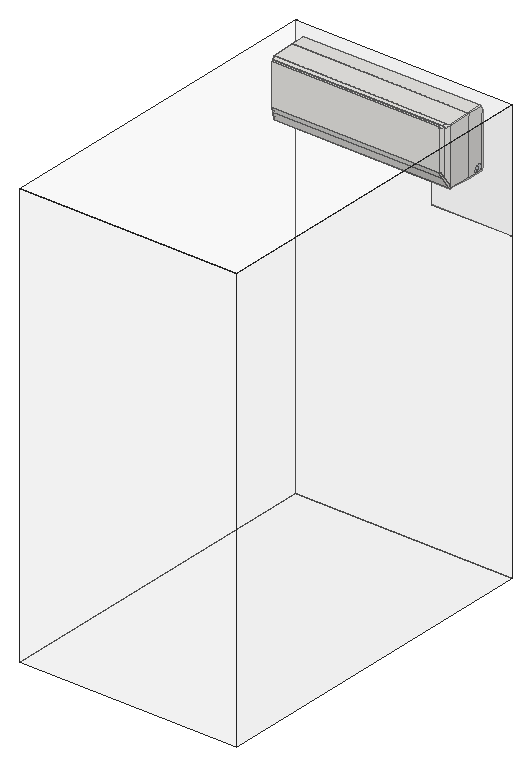
Revit family "pk-rp28la6_112ka22_50hz", category 機械設備, Revit 2023
Family settings
  丸型コネクタ寸法 = 直径を使用
  パーツ タイプ = 標準
  OmniClass 番号 = 23.75.10.24.21.27.27
  OmniClass タイトル = Split System Air Conditioning Units
  作業面ベース = いいえ
  常に垂直 = はい
  ロード時にボイドで切り取り = いいえ
  注釈の向きを維持 = いいえ
  共有 = いいえ
  部屋計算ポイント = はい
Parameters (values of type "PK-RP28LA6")
  風量_静 (m3/min) = 6.3
  風量_強 (m3/min) = 8.7
  風量_弱 (m3/min) = 7.3
  風量_中 (m3/min) = 8
  風量 = MAX風量  # 522.0 m³/h
  音響パワーレベル_静 (dB) = 45
  音響パワーレベル_弱 (dB) = 48
  音響パワーレベル_中 (dB) = 50
  音響パワーレベル_強 (dB) = 52
  音響パワーレベル(dB) = [音響パワーレベル_強 (dB)]  # 52
  電源種別 = ""
  電源_H = 0 mm
  電圧 = 0 V
  電動機出力_送風機 = 0.03 kW
  運転質量 = 0.00 kg
  連動 = ""
  質量 = if(製品質量 > 運転質量, 製品質量, 運転質量) * 1.2  # 15.00 kg
  負荷分類 = 3_ファン類
  構成品番 = ""
  既定の高さ = 0 mm
  壁掛_PK-RP_LA3 = no
  壁掛_PK-RP_LA2 = no
  壁掛_PK-RP_LA1 = yes
  冷媒液管位置-Z = 280 mm
  冷媒液管位置-Y = 23 mm
  冷媒液管位置-X = 711 mm
  冷媒ガス管位置-Z = 268 mm
  冷媒ガス管位置-Y = 23 mm
  冷媒ガス管位置-X = 642 mm
  ドレン管径 (外径) = 22 mm
  ドレン位置-Z = 274 mm
  ドレン位置-Y = 37 mm
  ドレン位置-X = 660 mm
  サービススペース_PK-RP_LA2 = no
  サービススペース_PK-RP_LA1,3 = yes
  【値が 0 の項目は組合せ形名にてご確認ください】 = ""
  Version = ""
  URL = "https://www.mitsubishielectric.co.jp/ldg/wink/qr/002/364755"
  Space Top = 50 mm
  Space Right_1 = 260 mm
  Space Right = 150 mm
  Space Left = 50 mm
  Space Bot_2 = 250 mm
  Space Bot_1 = 7 mm
  MIN２風量 = [風量_静 (m3/min)] * 60.0 m³/h  # 378.0 m³/h
  MIN風量 = [風量_弱 (m3/min)] * 60.0 m³/h  # 438.0 m³/h
  MID風量 = [風量_中 (m3/min)] * 60.0 m³/h  # 480.0 m³/h
  MAX風量 = [風量_強 (m3/min)] * 60.0 m³/h  # 522.0 m³/h
  説明 = "店舗・事務所用パッケージエアコン(Mr.SLIM) 壁掛形<ワイヤード>"
  設計暖房能力 = 0.00 kW
  設計冷房能力_顕熱 = 0 kW
  設計冷房能力 = 0 kW
  設置方法 = "壁掛形"
  記号 = ""
  製造元 = "三菱電機株式会社"
  製品質量 = 12.50 kg
  製品出荷対象 = "国内"
  製品リリース年月 = "2026/5/11"
  製品グループ = ""
  系統 = ""
  符号 = "PAC_WR"
  積算_科目 = "1 空気調和設備"
  積算_拾い区分 [instance] = ""
  盤記号 = ""
  発停方法 = "別売リモコン"
  特殊仕様 = ""
  火災停止 = ""
  消費電力_暖房 = 0.02 kW
  消費電力_冷房 = 0.03 kW
  消費電力 = if(消費電力_冷房 > 消費電力_暖房, 消費電力_冷房, 消費電力_暖房)  # 0.03 kW
  法定耐用年数 = "6"
  極数 = 3
  材質 = ""
  本体マテリアル = none
  有効加湿量 = 0
  暖房能力 = 2.80 kW
  形式_加湿器 = ""
  形式 = "壁掛（露出）形"
  幹線記号 = ""
  始動方式 = "インバータ"
  呼称 = "パッケージ形空気調和機_室内機"
  周波数 = 50 Hz
  吊り位置Y = 0 mm
  吊り位置X = 0 mm
  吊りボルト_H = 0 mm
  台数_手元リモコン = ""
  台数_冷媒分岐ユニット = ""
  参照している仕様書等のバージョン = "公共建築工事標準仕様書（機械設備工事編）平成31年度版"
  加湿給水管径 = 0 mm
  分類コード = "50053003123070"
  分類グループ = "設備"
  冷房能力 = 2.5 kW
  冷媒高低圧ガス管径 = 0 mm
  冷媒管径符号 = "Ac"
  冷媒管径 = 100 mm
  冷媒液管径 = 6.35 mm
  冷媒ガス管径 = 12.7 mm
  企業コード = "108420"
  付属品_フィルター = ""
  付属品 = ""
  モデル = "PK-RP28LA6"
  パネルマテリアル = none
  ドレン管径 = 16 mm
  サービススペース = yes
  コメント [instance] = ""
  Width = 898 mm
  Uniclass2015Version = "Systems v1.9"
  Uniclass2015Title = "Split coil remote air cooled condensing units"
  Uniclass2015Code = "Pr_70_65_03_84"
  SpecificationReference = ""
  SpecificationDescription = ""
  S_H = 356 mm
  Revision = ""
  ProductInformation = ""
  OmniClassCode = "23-33 17 13 11"
  IfcTypeProduct = ""
  IfcProduct = ""
  IfcExportType = "AIRCONDITIONINGUNIT"
  IfcExportAs = "IfcUnitaryEquipmentType"
  Height = 299 mm
  Depth = 237 mm
  価格 = 0
  Clearance Top = 50 mm
  Clearance Right = 150 mm
  Clearance Left = 50 mm
  Clearance Front = 1500 mm
  Clearance Bottom = 1800 mm
  Clearance Back = 0 mm
  BLCJ仕様バージョン = "2.0"
  Author = "三菱電機株式会社"
Reference planes
  plane 1 "中心(正面/背面)": y = 0
  plane 2: z = 11
  plane 3 "中心(左/右)": x = 0
  plane 4: x = -449
  plane 5: x = 449
  plane 6: z = -288
  plane 7: y = -242
  plane 8: y = -5
  plane 9: x = -211
  plane 10: x = -193
  plane 11: x = -262
  plane 12: y = -28
  plane 13: y = -28
  plane 14: y = -42
  plane 15: z = -269
  plane 16: z = -257
  plane 17: z = -263
  plane 18: z = 61
  plane 19: x = -499
  plane 20: x = 599
  plane 21: z = -295
  plane 22: z = -538
  plane 23: x = 189
  plane 24: y = -1742
  plane 25: z = -2088
  plane 26: x = -499
  plane 27: x = 599
  plane 28: y = -28
Forms (mm)
  Extrusion 1, solid, detail levels fine
    sketch origin (-88.875, 0, -1713) x (-1, 0, 0) y (0, 0, 1)
      loop
        line (-487.875, 1574) -> (-487.875, 1549) -> (-462.875, 1549) -> (-462.875, 1574) -> (-487.875, 1574)
    from -1 to 0
  Extrusion 2, solid, detail levels fine
    sketch origin (0, 0, 0) x (0, 1, 0) y (0, 0, 1)
      loop
        circle (-42, -263) r 11
    from 444 to 449
  Extrusion 3, solid, detail levels fine
    sketch origin (0, 0, 0) x (0, 1, 0) y (0, 0, 1)
      loop
        circle (-28, -263) r 15
    from 444 to 449
Dimensions and locks
  equal spacing: plane 5, plane 3 "中心(左/右)", plane 4
  "Width": plane 5 to plane 4
  "Height": level to plane 6
  locked: plane 8 to plane 1 "中心(正面/背面)" at 5
  "Depth": plane 7 to plane 8
  "ドレン位置-X": plane 5 to plane 9
  "冷媒ガス管位置-X": plane 5 to plane 10
  "冷媒液管位置-X": plane 5 to plane 11
  "ドレン位置-Y": plane 14 to plane 8
  "冷媒ガス管位置-Y": plane 13 to plane 8
  "冷媒液管位置-Y": plane 12 to plane 8
  "ドレン位置-Z": level to plane 17
  "冷媒ガス管位置-Z": level to plane 16
  "冷媒液管位置-Z": level to plane 15
  "Space Top": plane 18 to level
  "Space Left": plane 4 to plane 19
  "Space Right": plane 20 to plane 5
  "Space Bot_1": plane 6 to plane 21
  "Space Bot_2": plane 6 to plane 22
  "Space Right_1": plane 5 to plane 23
  equal spacing: plane 16, Extrusion 3 sketch curve, plane 15
  equal spacing: plane 12, Extrusion 3 sketch curve, plane 13
  locked: plane 5 to Extrusion 3 at 5
  "Clearance Front": plane 24 to plane 7
  "Clearance Bottom": plane 6 to plane 25
  "Clearance Left": plane 4 to plane 26
  "Clearance Right": plane 27 to plane 5
  plane 5 to Extrusion 1 sketch curve = 50 mm
  nested 3 to Extrusion 1 sketch curve = 150 mm
  "Clearance Top": nested 4 to plane 2
  "ドレン管径 (外径)": diameter of Extrusion 2 sketch curve
  aligned and locked: level to plane 2
  aligned and locked: plane 1 "中心(正面/背面)" to nested 1
  aligned and locked: plane 1 "中心(正面/背面)" to nested 2
  aligned and locked: plane 1 "中心(正面/背面)" to nested 3
  aligned and locked: level to nested 1
  aligned and locked: level to nested 3
  aligned and locked: plane 3 "中心(左/右)" to nested 2
  aligned and locked: plane 3 "中心(左/右)" to nested 1
  aligned and locked: plane 3 "中心(左/右)" to nested 3
  aligned and locked: plane 14 to Extrusion 2 sketch curve
  aligned and locked: plane 17 to Extrusion 2 sketch curve
  aligned and locked: plane 5 to Extrusion 3
  aligned and locked: plane 5 to Extrusion 2
  aligned and locked: Extrusion 3 to Extrusion 2
  aligned and locked: plane 1 "中心(正面/背面)" to nested 4
  aligned and locked: plane 24 to nested 4
  aligned and locked: plane 25 to nested 4
  aligned and locked: plane 26 to nested 4
  aligned and locked: plane 27 to nested 4
  aligned and locked: plane 18 to nested 4
  aligned and locked: plane 1 "中心(正面/背面)" to nested 5
  aligned and locked: plane 3 "中心(左/右)" to nested 5
  aligned and locked: plane 2 to nested 3
Automatic sketch dimensions
  Extrusion 1 sketch curve to plane 5 = 75 mm
  Extrusion 1 sketch curve to Extrusion 1 sketch curve = 25 mm
  radius of Extrusion 3 sketch curve = 15 mm
Nested families
  nested 1: "pk-rp_la1" at (0, 0, 10), type "壁掛_PK-RP_LA1", detail levels fine
  nested 2: "pk-rp_la2" at (0, 0, 11), type "壁掛_PK-RP_LA2"
    with 壁掛_PK-RP56-71KA17 no
  nested 3: "pk-rp_la3" at (0, 0, 11), type "壁掛_PK-RP_LA3"
    with 壁掛_PK-RP80_112KA17 no, 冷媒液管径 6.35 mm, 冷媒ガス管径 12.7 mm
  nested 4: "サービススペース" at (50, -871, -1013.5), visible <- "サービススペース", type "サービススペース", detail levels fine
    with Width 1098 mm, Height 2149 mm, Depth 1742 mm
  nested 5: "Space View" at (0, 0, 11), Bot_1 <- "Space Bot_1", Bot_2 <- "Space Bot_2", Hight <- "Height", Left <- "Space Left", Right <- "Space Right", Right_1 <- "Space Right_1", Top <- "Space Top", Width <- "Width", Space View <- "サービススペース_PK-RP_LA1,3", type "Space View"
    with Width 898 mm, Top 50 mm, Space View yes, Right_1 260 mm, Right 150 mm, Left 50 mm, Hight 299 mm, Bot_2 250 mm, Bot_1 7 mm
Connectors
  piping at (449, -42, -263), diameter 22, driven by "ドレン管径 (外径)"
    settings: on Extrusion 2, index 1, connector inside diameter 609.6 mm, connector length 0 mm, flow factor 0, pipe flow 0.0 L/s, pressure drop 0.0 Pa, fitting loss kfactor 0, connector angle 0.00°, fixture units 0, engagement length 0 mm, angle of deflection 0.00°, flow configuration 1, flow direction 2, fitting loss method 4, system type 16, joint type 0, gender type 0, connector reference index -1, connector utility 0, adjustable connector no, is connector primary yes, connector description ""
  piping at (449, -28, -263), diameter 100, driven by "冷媒管径", driven by "冷媒管径符号"
    settings: on Extrusion 3, index 2, connector inside diameter 609.6 mm, connector length 0 mm, flow factor 0, pipe flow 0.0 L/s, pressure drop 0.0 Pa, fitting loss kfactor 0, connector angle 0.00°, fixture units 0, engagement length 0 mm, angle of deflection 0.00°, flow configuration 1, flow direction 1, fitting loss method 4, system type 7, joint type 0, gender type 0, connector reference index -1, connector utility 0, adjustable connector no, is connector primary no, connector description "Ac"
  electrical at (386.5, 0, -151.5), driven by "極数", driven by "負荷分類", driven by "電圧", driven by "消費電力"
    settings: on Extrusion 1, index 3, voltage 0 V, apparent load 30 VA, apparent load phase1 0 VA, apparent load phase2 0 VA, apparent load phase3 0 VA, power factor 1, load classification "3_ファン類", number of poles 3, system type 30, power factor state 1, is connector primary yes, connector utility no, sub classification motor no, connector description ""
Definition of nested family "pk-rp_la1"
  Parameters (values of type "壁掛_PK-RP_LA1")
    Default Elevation = 0 mm
    壁掛_PK-RP40_50LA = yes
    冷媒液管位置-Y = 37 mm
    冷媒液管位置-X = 711 mm
    冷媒ガス管位置-Y = 23 mm
    冷媒ガス管位置-X = 642 mm
    ドレン管径 (外径) = 22 mm
    ドレン位置-Y = 23 mm
    ドレン位置-X = 660 mm
    URL = ""
    Description = ""
    Manufacturer = ""
    冷媒管径符号 = "Ac"
    冷媒管径 = 100 mm
    冷媒液管位置-Z = 280 mm
    冷媒液管径 = 6.35 mm
    冷媒ガス管位置-Z = 268 mm
    冷媒ガス管径 = 12.7 mm
    Model = ""
    ドレン位置-Z = 274 mm
    ドレン管径 = 16 mm
    Width = 898 mm
    S_H = 356 mm
    Height = 299 mm
    Depth = 237 mm
    Cost = 0
  Reference planes
    plane 1 "中心(正面/背面)": y = 0
    plane 2: z = 1
    plane 3 "中心(左/右)": x = 0
    plane 4 "UNDER": z = -298
    plane 5 "Left": x = -449
    plane 6: x = 449
    plane 7 "Fkidasi_L": x = -400
    plane 8 "Fkidasi_X": x = -262
    plane 9 "Fkidasi_Y": x = -193
    plane 10: y = -5
    plane 11: y = -42
    plane 12: y = -242
    plane 13: z = -279
    plane 14: z = -267
    plane 15: z = -273
    plane 16: y = -28
    plane 17: y = -28
    plane 18: x = -211
    plane 19: z = 1
    plane 20: x = 0
    plane 21: x = 0
  Forms (mm)
    Extrusion 1, void, detail levels fine
      sketch origin (0, 75, -2499) x (0, -1, 0) y (0, 0, 1)
        loop
          line (89, 2500) -> (80, 2500) -> (80, 2487) -> (89, 2500)
      from 449 to -449
    Extrusion 2, solid, visible <- "壁掛_PK-RP40_50LA", detail levels fine
      sketch origin (0, 0, -2509.072) x (-1, 0, 0) y (0, 0, 1)
        loop
          line (449, 2485.072) -> (-449, 2485.072) -> (-449, 2224.072) -> (449, 2224.072) -> (449, 2485.072)
      from 0 to -5
    Extrusion 3, solid, visible <- "壁掛_PK-RP40_50LA", detail levels fine
      sketch origin (0, -5, -2499) x (0, 0, -1) y (-1, 0, 0)
        loop
          line (-2500, 444) -> (-2500, -444)
          arc (-2500, -444) -> (-2498.536, -447.536) -> (-2495, -449) r 5
          line (-2495, -449) -> (-2206, -449)
          arc (-2206, -449) -> (-2202.464, -447.536) -> (-2201, -444) r 5
          line (-2201, -444) -> (-2201, 444)
          arc (-2201, 444) -> (-2202.464, 447.536) -> (-2206, 449) r 5
          line (-2206, 449) -> (-2495, 449)
          arc (-2495, 449) -> (-2498.536, 447.536) -> (-2500, 444) r 5
      from 0 to -83
    Blend 4, solid, visible <- "壁掛_PK-RP40_50LA"
      base sketch origin (0, -202, -1799) x (0, 0, 1) y (1, 0, 0)
        loop
          line (1796, -444) -> (1796, 444)
          arc (1796, 444) -> (1794.536, 447.536) -> (1791, 449) r 5
          line (1791, 449) -> (1515, 449)
          arc (1515, 449) -> (1508.636, 446.364) -> (1506, 440) r 9
          line (1506, 440) -> (1506, -440)
          arc (1506, -440) -> (1508.636, -446.364) -> (1515, -449) r 9
          line (1515, -449) -> (1791, -449)
          arc (1791, -449) -> (1794.536, -447.536) -> (1796, -444) r 5
      top sketch origin (0, -202, -1799) x (0, 0, 1) y (1, 0, 0)
        loop
          line (1793, -427) -> (1793, 427)
          arc (1793, 427) -> (1791.536, 430.536) -> (1788, 432) r 5
          line (1788, 432) -> (1559, 432)
          arc (1559, 432) -> (1555.464, 430.536) -> (1554, 427) r 5
          line (1554, 427) -> (1554, -427)
          arc (1554, -427) -> (1555.464, -430.536) -> (1559, -432) r 5
          line (1559, -432) -> (1788, -432)
          arc (1788, -432) -> (1791.536, -430.536) -> (1793, -427) r 5
      from 0 to -25
    Blend 5, solid, visible <- "壁掛_PK-RP40_50LA", detail levels fine
      base sketch origin (0, -227, -1799) x (0, 0, 1) y (1, 0, 0)
        loop
          arc (1793, 427) -> (1791.536, 430.536) -> (1788, 432) r 5
          line (1788, 432) -> (1559, 432)
          arc (1559, 432) -> (1555.464, 430.536) -> (1554, 427) r 5
          line (1554, 427) -> (1554, -427)
          arc (1554, -427) -> (1555.464, -430.536) -> (1559, -432) r 5
          line (1559, -432) -> (1788, -432)
          arc (1788, -432) -> (1791.536, -430.536) -> (1793, -427) r 5
          line (1793, -427) -> (1793, 427)
      top sketch origin (0, -227, -1799) x (0, 0, 1) y (1, 0, 0)
        loop
          line (1793, -419) -> (1793, 419)
          arc (1793, 419) -> (1791.536, 422.536) -> (1788, 424) r 5
          line (1788, 424) -> (1590, 424)
          arc (1590, 424) -> (1586.464, 422.536) -> (1585, 419) r 5
          line (1585, 419) -> (1585, -419)
          arc (1585, -419) -> (1586.464, -422.536) -> (1590, -424) r 5
          line (1590, -424) -> (1788, -424)
          arc (1788, -424) -> (1791.536, -422.536) -> (1793, -419) r 5
      from 0 to -15
    Blend 6, solid, visible <- "壁掛_PK-RP40_50LA", detail levels fine
      base sketch origin (62.5, -88, -1799) x (0, 0, 1) y (1, 0, 0)
        loop
          arc (1800, 381.5) -> (1798.536, 385.036) -> (1795, 386.5) r 5
          line (1795, 386.5) -> (1506, 386.5)
          arc (1506, 386.5) -> (1502.464, 385.036) -> (1501, 381.5) r 5
          line (1501, 381.5) -> (1501, -506.5)
          arc (1501, -506.5) -> (1502.464, -510.036) -> (1506, -511.5) r 5
          line (1506, -511.5) -> (1795, -511.5)
          arc (1795, -511.5) -> (1798.536, -510.036) -> (1800, -506.5) r 5
          line (1800, -506.5) -> (1800, 381.5)
      top sketch origin (62.5, -88, -1799) x (0, 0, 1) y (1, 0, 0)
        loop
          line (1796, -506.5) -> (1796, 381.5)
          arc (1796, 381.5) -> (1794.536, 385.036) -> (1791, 386.5) r 5
          line (1791, 386.5) -> (1511, 386.5)
          arc (1511, 386.5) -> (1507.464, 385.036) -> (1506, 381.5) r 5
          line (1506, 381.5) -> (1506, -502.5)
          arc (1506, -502.5) -> (1508.636, -508.864) -> (1515, -511.5) r 9
          line (1515, -511.5) -> (1791, -511.5)
          arc (1791, -511.5) -> (1794.536, -510.036) -> (1796, -506.5) r 5
      from 0 to -114
    Sweep 7, solid, visible <- "壁掛_PK-RP40_50LA", detail levels fine
      path origin (0, 75, -1799) x (-1, 0, 0) y (0, 0, 1)
        loop
          line (262, 1521) -> (-271, 1521)
      profile origin (4.5, 75, -278) x (0, 0, -1) y (0, 1, 0)
        loop
          circle (1, -103) r 3.175
    Sweep 8, solid, visible <- "壁掛_PK-RP40_50LA", detail levels fine
      path origin (0, 75, -1799) x (-1, 0, 0) y (0, 0, 1)
        loop
          line (-257, 1533) -> (193, 1533)
      profile origin (32, 75, -266) x (0, 0, 1) y (0, 1, 0)
        loop
          circle (-1, -103) r 6.35
    Sweep 9, solid, visible <- "壁掛_PK-RP40_50LA", detail levels fine
      path origin (0, 75, -1799) x (-1, 0, 0) y (0, 0, 1)
        loop
          line (211, 1527) -> (-289, 1527)
      profile origin (39, 75, -272) x (0, 0, -1) y (0, 1, 0)
        loop
          circle (1, -117) r 11
  Cuts and joins
    Extrusion 1 cuts Extrusion 3
  Lines and regions (mm)
    model lines, visible <- "壁掛_PK-RP40_50LA", detail levels fine
      curve 1: line (274, -5, -298) -> (274, -54, -298)
      curve 2: line (292, -72, -298) -> (331, -72, -298)
      curve 3: line (349, -54, -298) -> (349, -5, -298)
      curve 4: line (324, -54, -298) -> (324, -5, -298)
      curve 5: arc (292, -72, -298) -> (279.272, -66.728, -298) -> (274, -54, -298) r 18
      curve 6: arc (306, -72, -298) -> (318.728, -66.728, -298) -> (324, -54, -298) r 18
      curve 7: arc (331, -72, -298) -> (343.728, -66.728, -298) -> (349, -54, -298) r 18
      curve 8: line (-430, -5, -298) -> (-430, -54, -298)
      curve 9: line (-412, -72, -298) -> (-378, -72, -298)
      curve 10: line (-360, -54, -298) -> (-360, -5, -298)
      curve 11: line (-399.073, -53.123, -298) -> (-399.073, -5, -298)
      curve 12: arc (-412, -72, -298) -> (-424.728, -66.728, -298) -> (-430, -54, -298) r 18
      curve 13: arc (-399.073, -53.123, -298) -> (-394.55, -65.481, -298) -> (-383.118, -72, -298) r 19.145
      curve 14: arc (-360, -54, -298) -> (-365.272, -66.728, -298) -> (-378, -72, -298) r 18
      curve 15: line (366.5, -202, -293) -> (366.5, -208.929, -279.696)
      curve 16: line (366.5, -208.929, -279.696) -> (326.5, -208.929, -279.696)
      curve 17: line (326.5, -208.929, -279.696) -> (326.5, -202, -293)
      curve 18: line (326.5, -202, -293) -> (326.5, -188.513, -293.592)
      curve 19: line (326.5, -188.513, -293.592) -> (366.5, -188.513, -293.592)
      curve 20: line (366.5, -188.513, -293.592) -> (366.5, -202, -293)
      curve 21: line (449, -5, -229) -> (449, -52, -229)
      curve 22: line (449, -70, -247) -> (449, -70, -270)
      curve 23: line (449, -52, -288) -> (449, -5, -288)
      curve 24: line (449, -49.143, -241) -> (449, -5, -241)
      curve 25: arc (449, -52, -288) -> (449, -64.728, -282.728) -> (449, -70, -270) r 18
      curve 26: arc (449, -52, -229) -> (449, -64.728, -234.272) -> (449, -70, -247) r 18
      curve 27: arc (449, -70, -261.857) -> (449, -63.891, -247.109) -> (449, -49.143, -241) r 20.857
      curve 28: line (-449, -5, -288) -> (-449, -52, -288)
      curve 29: line (-449, -70, -270) -> (-449, -70, -236)
      curve 30: line (-449, -52, -218) -> (-449, -5, -218)
      curve 31: line (-449, -5, -238) -> (-449, -52, -238)
      curve 32: arc (-449, -52, -288) -> (-449, -64.728, -282.728) -> (-449, -70, -270) r 18
      curve 33: arc (-449, -70, -236) -> (-449, -64.728, -223.272) -> (-449, -52, -218) r 18
      curve 34: arc (-449, -70, -256) -> (-449, -64.728, -243.272) -> (-449, -52, -238) r 18
      curve 35: line (-400, -227, -245) -> (-400, -202, -293)
      curve 36: line (250, -227, -245) -> (250, -202, -293)
      curve 37: line (250, -202, -293) -> (250, -88, -298)
      curve 38: line (-400, -200.122, -293.082) -> (-400, -88, -298)
  Dimensions and locks
    "Width": plane 5 "Left" to plane 6
    plane 5 "Left" to plane 3 "中心(左/右)" to plane 6 = 449 mm, 449 mm
    equal spacing: plane 5 "Left", plane 3 "中心(左/右)", plane 6
    "Depth": plane 10 to plane 12
    "ドレン位置-Z": level to plane 15
    "冷媒ガス管位置-Z": level to plane 14
    "冷媒液管位置-Z": level to plane 13
    "Height": level to plane 4 "UNDER"
    "ドレン位置-Y": plane 10 to plane 17
    "冷媒ガス管位置-Y": plane 10 to plane 16
    "冷媒液管位置-Y": plane 10 to plane 11
    "冷媒液管位置-X": plane 6 to plane 8 "Fkidasi_X"
    "冷媒ガス管位置-X": plane 6 to plane 9 "Fkidasi_Y"
    "ドレン位置-X": plane 6 to plane 18
    locked: plane 10 to plane 1 "中心(正面/背面)" at 5
    "冷媒液管径": diameter of Sweep 7 sketch curve
    "冷媒ガス管径": diameter of Sweep 8 sketch curve
    "ドレン管径 (外径)": diameter of Sweep 9 sketch curve
    aligned and locked: level to plane 2
    aligned and locked: Sweep 8 to plane 9 "Fkidasi_Y"  (x2)
    aligned and locked: Sweep 7 to plane 8 "Fkidasi_X"
    aligned and locked: plane 12 to Blend 5
    aligned and locked: plane 15 to Sweep 9 sketch curve
    aligned and locked: plane 14 to Sweep 8 sketch curve
    aligned and locked: plane 13 to Sweep 7 sketch curve
    aligned and locked: plane 17 to Sweep 7 sketch curve
    aligned and locked: plane 16 to Sweep 8 sketch curve
    aligned and locked: plane 11 to Sweep 9 sketch curve
    aligned and locked: plane 20 to plane 3 "中心(左/右)"
    aligned and locked: plane 21 to plane 20
  Automatic sketch dimensions
    Extrusion 1 sketch curve to plane 10 = 0 mm
    Extrusion 1 sketch curve to plane 10 = 9 mm
    Extrusion 2 sketch curve to plane 6 = 0 mm
    plane 5 "Left" to Extrusion 2 sketch curve = 0 mm
    Extrusion 2 sketch curve to level = 286 mm
    Extrusion 3 sketch curve to plane 6 = 0 mm
    plane 5 "Left" to Extrusion 3 sketch curve = 0 mm
    Extrusion 3 sketch curve to level = 299 mm
    Extrusion 3 sketch curve to level = 294 mm  (x2)
    plane 5 "Left" to Blend 4 sketch curve = 0 mm
    Blend 4 sketch curve to plane 6 = 0 mm
    Blend 4 sketch curve to level = 294 mm
    Blend 4 sketch curve to Blend 4 sketch curve = 9 mm  (x2)
    Blend 4 sketch curve to plane 6 = 5 mm
    Blend 4 sketch curve to plane 6 = 22 mm
    Blend 4 sketch curve to level = 246 mm
    Blend 4 sketch curve to Blend 4 sketch curve = 5 mm  (x4)
    Blend 4 sketch curve to plane 5 "Left" = 22 mm
    Blend 5 sketch curve to level = 246 mm
    Blend 5 sketch curve to Blend 5 sketch curve = 5 mm  (x7)
    Blend 5 sketch curve to plane 5 "Left" = 17 mm
    Blend 5 sketch curve to plane 6 = 22 mm
    Blend 5 sketch curve to plane 7 "Fkidasi_L" = 19 mm
    Blend 5 sketch curve to level = 215 mm
    Blend 5 sketch curve to plane 6 = 30 mm
    Blend 6 sketch curve to level = 299 mm
    Blend 6 sketch curve to plane 6 = 0 mm  (x2)
    plane 5 "Left" to Blend 6 sketch curve = 0 mm  (x2)
    Blend 6 sketch curve to level = 294 mm  (x3)
    Blend 6 sketch curve to plane 6 = 5 mm  (x2)
    Blend 6 sketch curve to Blend 6 sketch curve = 9 mm
    curve 11 to Extrusion 3 = 0 mm
    curve 1 to Extrusion 3 = 0 mm
    curve 8 to Extrusion 3 = 0 mm
    curve 4 to Extrusion 3 = 0 mm
    curve 3 to Extrusion 3 = 0 mm
    curve 10 to Extrusion 3 = 0 mm
    curve 13 to Extrusion 3 = 34.877 mm
    curve 12 to curve 13 = 0.877 mm
    curve 10 to curve 13 = 0.877 mm
    curve 3 to Extrusion 3 = 34 mm
    curve 4 to curve 7 = 0 mm
    curve 9 to Extrusion 3 = 16 mm
    curve 2 to Extrusion 3 = 16 mm
    Extrusion 3 to curve 3 = 95 mm
    curve 7 to curve 4 = 7 mm
    curve 6 to curve 2 = 14 mm
    Extrusion 3 to curve 10 = 84 mm
    curve 14 to curve 13 = 1.927 mm
    curve 13 to curve 11 = 19.145 mm
    curve 13 to curve 12 = 12.927 mm
    curve 35 to Blend 4 = 0 mm
    Blend 4 to curve 35 = 0 mm
    Blend 4 to curve 36 = 0 mm
    curve 36 to Blend 4 = 0 mm
    curve 17 to Blend 4 = 0 mm
    curve 15 to Blend 4 = 0 mm
    Blend 4 to curve 17 = 15 mm
    curve 17 to Blend 4 = 106.857 mm
    curve 16 to curve 15 = 40 mm
    curve 36 to curve 17 = 76.5 mm
    curve 35 to curve 36 = 650 mm
    curve 38 to Blend 6 = 0 mm
    curve 37 to Blend 6 = 0 mm
    Blend 6 to curve 37 = 0 mm
    Blend 6 to curve 18 = 0 mm
    Blend 6 to curve 20 = 0 mm
    Blend 6 to curve 19 = 13.5 mm
    curve 19 to Blend 6 = 117.5 mm
    curve 18 to curve 19 = 40 mm
    curve 37 to curve 18 = 76.5 mm
    curve 38 to curve 37 = 650 mm
    Blend 6 to curve 38 = 1.879 mm
    curve 21 to Extrusion 3 = 0 mm
    curve 24 to Extrusion 3 = 0 mm
    curve 23 to Extrusion 3 = 0 mm
    curve 21 to curve 24 = 12 mm
    Extrusion 3 to curve 22 = 18 mm
    curve 24 to curve 22 = 6 mm
    curve 26 to curve 27 = 14.857 mm
    curve 27 to curve 25 = 8.143 mm
    curve 23 to Extrusion 3 = 5 mm
    curve 28 to Extrusion 3 = 0 mm
    curve 31 to Extrusion 3 = 0 mm
    curve 30 to Extrusion 3 = 0 mm
    curve 28 to Extrusion 3 = 5 mm
    curve 29 to Extrusion 3 = 23 mm
    curve 32 to curve 34 = 14 mm
    curve 34 to curve 31 = 18 mm
    curve 34 to curve 33 = 2 mm
    curve 33 to curve 30 = 18 mm
    Extrusion 3 to curve 32 = 36 mm
    Sweep 7 sketch curve to plane 8 "Fkidasi_X" = 0 mm
    Sweep 8 sketch curve to plane 9 "Fkidasi_Y" = 0 mm
    Sweep 9 sketch curve to plane 9 "Fkidasi_Y" = 18 mm
    Extrusion 1 sketch curve to level = 13 mm
    Extrusion 1 sketch curve to level = 0 mm
    Extrusion 2 sketch curve to level = 25 mm
    Extrusion 3 sketch curve to level = 5 mm  (x2)
    Extrusion 3 sketch curve to level = 0 mm
    Blend 4 sketch curve to level = 9 mm  (x2)
    Blend 4 sketch curve to level = 12 mm
    Blend 5 sketch curve to level = 12 mm  (x3)
    Blend 6 sketch curve to level = 5 mm  (x2)
    Blend 6 sketch curve to level = 0 mm
    Blend 6 sketch curve to level = 9 mm  (x2)
    plane 13 to Sweep 7 sketch curve = 1 mm
    plane 14 to Sweep 8 sketch curve = 1 mm
    plane 15 to Sweep 9 sketch curve = 1 mm
    curve 5 to curve 6 = 0 mm
    Sweep 7 sketch curve to plane 6 = 178 mm
    Sweep 8 sketch curve to plane 6 = 192 mm
    Sweep 9 sketch curve to plane 6 = 160 mm
    curve 22 to Extrusion 3 = 23 mm
Definition of nested family "サービススペース"
  Parameters (values of type "サービススペース")
    Default Elevation = 0 mm
    Width [instance] = 500 mm
    Height [instance] = 500 mm
    Depth [instance] = 500 mm
  Reference planes
    plane 1 "中心(正面/背面)": y = 0
    plane 2: z = 0
    plane 3 "中心(左/右)": x = 0
    plane 4: y = -250
    plane 5: x = 250
    plane 6: y = 250
    plane 7: x = -250
    plane 8: z = 250
    plane 9: z = -250
  Forms (mm)
    Extrusion 1, solid
      sketch origin (-638.939, 0, 72.39) x (1, 0, 0) y (0, 1, 0)
        loop
          line (388.939, 250) -> (388.939, -250) -> (888.939, -250) -> (888.939, 250) -> (388.939, 250)
      from -322.39 to 177.61
  Lines and regions (mm)
    symbolic lines
      curve 1: line (-250, 0, 250) -> (250, 0, 250)
      curve 2: line (-250, 0, -250) -> (-250, 0, 250)
      curve 3: line (250, 0, -250) -> (-250, 0, -250)
      curve 4: line (250, 0, 250) -> (250, 0, -250)
      curve 5: line (0, -250, 250) -> (0, 250, 250)
      curve 6: line (0, -250, -250) -> (0, -250, 250)
      curve 7: line (0, 250, -250) -> (0, -250, -250)
      curve 8: line (0, 250, 250) -> (0, 250, -250)
      curve 9: line (-250, 250, 0) -> (250, 250, 0)
      curve 10: line (-250, -250, 0) -> (-250, 250, 0)
      curve 11: line (250, -250, 0) -> (-250, -250, 0)
      curve 12: line (250, 250, 0) -> (250, -250, 0)
  Dimensions and locks
    equal spacing: plane 7, plane 3 "中心(左/右)", plane 5
    equal spacing: plane 4, plane 1 "中心(正面/背面)", plane 6
    "Depth": plane 4 to plane 6
    "Width": plane 7 to plane 5
    equal spacing: plane 8, plane 2, plane 9
    "Height": plane 8 to plane 9
    aligned and locked: plane 9 to curve 3
    aligned and locked: plane 7 to curve 2
    aligned and locked: curve 4 to plane 5
    aligned and locked: plane 5 to Extrusion 1
    aligned and locked: Extrusion 1 to plane 7
    aligned and locked: Extrusion 1 to plane 9
    aligned and locked: plane 8 to Extrusion 1
    aligned and locked: plane 9 to curve 7
  Automatic sketch dimensions
    plane 4 to Extrusion 1 sketch curve = 0 mm
    Extrusion 1 sketch curve to plane 7 = 0 mm
    Extrusion 1 sketch curve to plane 5 = 0 mm
    plane 6 to Extrusion 1 sketch curve = 0 mm
    curve 2 to plane 8 = 0 mm
    plane 4 to curve 11 = 0 mm
    curve 11 to plane 7 = 0 mm
    curve 11 to plane 5 = 0 mm
    plane 6 to curve 10 = 0 mm
    curve 7 to plane 4 = 0 mm
    curve 7 to plane 6 = 0 mm
    curve 6 to plane 8 = 0 mm
Definition of nested family "Space View"
  Parameters (values of type "Space View")
    Default Elevation = 0 mm
    Width [instance] = 898 mm
    Top [instance] = 50 mm
    Space View [instance] = yes
    Right_1 [instance] = 260 mm
    Right [instance] = 150 mm
    Left [instance] = 50 mm
    Hight [instance] = 299 mm
    Bot_2 [instance] = 250 mm
    Bot_1 [instance] = 7 mm
  Reference planes
    plane 1 "Center (Front/Back)": y = 0
    plane 2: z = 0
    plane 3 "Center (Left/Right)": x = 0
    plane 4: x = -499
    plane 5: z = 50
    plane 6: x = 599
    plane 7: z = -306
    plane 8: z = -549
    plane 9: x = -449
    plane 10: x = 449
    plane 11: z = -299
    plane 12: x = 189
  Forms (mm)
    Extrusion 1, solid, visible <- "Space View"
      sketch origin (0, 0, -1800) x (-1, 0, 0) y (0, 0, 1)
        loop
          line (499, 1850) -> (-599, 1850) -> (-599, 1251) -> (-189, 1251) -> (-189, 1494) -> (499, 1494) -> (499, 1850)
      from 0 to -1
  Dimensions and locks
    equal spacing: plane 10, plane 3 "Center (Left/Right)", plane 9
    "Width": plane 10 to plane 9
    "Right": plane 10 to plane 6
    "Left": plane 9 to plane 4
    "Hight": level to plane 11
    "Bot_1": plane 11 to plane 7
    "Bot_2": plane 11 to plane 8
    "Top": plane 5 to level
    "Right_1": plane 12 to plane 10
    aligned and locked: level to plane 2
    aligned and locked: Extrusion 1 to plane 4
    aligned and locked: plane 5 to Extrusion 1
    aligned and locked: plane 6 to Extrusion 1
    aligned and locked: plane 7 to Extrusion 1
    aligned and locked: plane 8 to Extrusion 1
    aligned and locked: plane 5 to Extrusion 1 sketch curve
    aligned and locked: Extrusion 1 sketch curve to plane 4
    aligned and locked: Extrusion 1 sketch curve to plane 7
    aligned and locked: Extrusion 1 sketch curve to plane 8
    aligned and locked: Extrusion 1 sketch curve to plane 6
    aligned and locked: plane 12 to Extrusion 1
  Automatic sketch dimensions
    plane 10 to Extrusion 1 sketch curve = 260 mm
Definition of nested family "pk-rp_la2"
  Parameters (values of type "壁掛_PK-RP56_71KA17")
    Default Elevation = 0 mm
    壁掛_PK-RP56-71KA17 = yes
    冷媒液管位置-Z = 250 mm
    冷媒液管位置-Y = 25 mm
    冷媒液管位置-X = 673 mm
    冷媒ガス管位置-Z = 270 mm
    冷媒ガス管位置-Y = 25 mm
    冷媒ガス管位置-X = 603 mm
    ドレン管径 (外径) = 22 mm
    ドレン位置-Z = 300 mm
    ドレン位置-Y = 25 mm
    ドレン位置-X = 733 mm
    URL = ""
    Description = ""
    Manufacturer = ""
    冷媒管径符号 = "Ac"
    冷媒管径 = 100 mm
    冷媒液管径 = 6.35 mm
    冷媒ガス管径 = 12.7 mm
    Model = ""
    ドレン管径 = 16 mm
    Width = 1100 mm
    S_H = 404 mm
    Height = 325 mm
    Depth = 258 mm
    Cost = 0
  Reference planes
    plane 1 "中心(正面/背面)": y = 0
    plane 2: z = 0
    plane 3 "中心(左/右)": x = 0
    plane 4 "TOP": z = 0
    plane 5 "UNDER": z = -325
    plane 6 "Left": x = -550
    plane 7: x = 550
    plane 8 "Fkidasi_V": z = -332
    plane 9 "Fkidasi_Z": z = -300
    plane 10 "Fkidasi_AA": z = -270
    plane 11 "Fkidasi_BB": z = -250
    plane 12: x = 377
    plane 13 "Fkidasi_CC": x = -183
    plane 14 "Fkidasi_DD": x = -123
    plane 15 "Fkidasi_EE": x = -53
    plane 16: y = -5
    plane 17: y = -263
    plane 18: y = -30
    plane 19: y = -30
    plane 20: y = -30
    plane 21: z = 0
    plane 22: x = 0
  Forms (mm)
    Sweep 1, solid, visible <- "壁掛_PK-RP56-71KA17", detail levels fine
      path origin (0, 85, -1776) x (-1, 0, 0) y (0, 0, 1)
        loop
          line (-377, 1506) -> (53, 1506)
      profile origin (162, 85, -270) x (0, 0, 1) y (0, 1, 0)
        loop
          circle (0, -115) r 6.35
    Sweep 2, solid, visible <- "壁掛_PK-RP56-71KA17", detail levels fine
      path origin (0, 85, -1744) x (-1, 0, 0) y (0, 0, 1)
        loop
          line (123, 1494) -> (-377, 1494)
      profile origin (127, 85, -250) x (0, 0, -1) y (0, 1, 0)
        loop
          circle (0, -115) r 3.175
    Sweep 3, solid, visible <- "壁掛_PK-RP56-71KA17", detail levels fine
      path origin (0, 75, -1850) x (-1, 0, 0) y (0, -1, 0)
        loop
          line (183, 105) -> (-377, 105)
      profile origin (97, -30, -1850) x (0, 1, 0) y (0, 0, 1)
        loop
          circle (0, 1550) r 11
    Extrusion 4, solid, visible <- "壁掛_PK-RP56-71KA17"
      sketch origin (-572, -4.93, 72) x (0, 0, -1) y (0, -1, 0)
        loop
          arc (72, 6.933) -> (72.338, 5.549) -> (73.277, 4.477) r 3
          line (73.277, 4.477) -> (78.269, 0.976)
          arc (78.269, 0.976) -> (79.634, 0.302) -> (81.14, 0.07) r 5
          line (81.14, 0.07) -> (93.863, 0.07) -> (93.863, -3.73)
          arc (93.863, -3.73) -> (94.214, -4.579) -> (95.063, -4.93) r 1.2
          line (95.063, -4.93) -> (382.983, -4.93)
          arc (382.983, -4.93) -> (383.752, -4.777) -> (384.402, -4.34) r 2
          line (384.402, -4.34) -> (391.687, 2.995) -> (393.576, 2.486) -> (396.064, 2.486) -> (396.064, 74.487) -> (397, 74.487) -> (396.249, 96.275)
          arc (396.249, 96.275) -> (386.433, 144.686) -> (361.405, 187.272) r 149.804
          arc (361.405, 187.272) -> (360.715, 187.808) -> (359.863, 187.999) r 2
          line (359.863, 187.999) -> (351.218, 187.999) -> (351.218, 189.494) -> (358.547, 189.494)
          arc (358.547, 189.494) -> (359.077, 189.813) -> (359.045, 190.43) r 0.6
          arc (359.045, 190.43) -> (356.535, 194.254) -> (354.116, 198.136) r 193.914
          arc (354.116, 198.136) -> (346.059, 210.496) -> (337.22, 222.309) r 228.274
          line (337.22, 222.309) -> (330.325, 231.46)
          arc (330.325, 231.46) -> (329.848, 231.872) -> (329.245, 232.052) r 1.5
          arc (329.245, 232.052) -> (268.628, 247.266) -> (206.817, 256.492) r 639.712
          arc (206.817, 256.492) -> (187.622, 257.823) -> (168.382, 258) r 320.323
          arc (168.382, 258) -> (152.854, 257.385) -> (137.36, 256.189) r 414.965
          arc (137.36, 256.189) -> (135.749, 255.382) -> (135.1, 253.701) r 2.5
          line (135.1, 253.701) -> (135.1, 238.591) -> (133.187, 234.008)
          arc (133.187, 234.008) -> (111.703, 220.588) -> (95.132, 201.429) r 84.941
          arc (95.132, 201.429) -> (91.762, 195.916) -> (88.556, 190.306) r 219.053
          arc (88.556, 190.306) -> (88.564, 189.763) -> (89.035, 189.494) r 0.547
          line (89.035, 189.494) -> (93.338, 189.494) -> (92.464, 187.999) -> (86.86, 187.999)
          arc (86.86, 187.999) -> (86.322, 187.842) -> (85.953, 187.421) r 1
          arc (85.953, 187.421) -> (81.274, 174.893) -> (78.608, 161.789) r 85.448
          arc (78.608, 161.789) -> (73.655, 125.49) -> (72, 88.891) r 405.418
          line (72, 88.891) -> (72, 6.933)
      from -1122 to -22
  Lines and regions (mm)
    model lines, visible <- "壁掛_PK-RP56-71KA17", detail levels fine
      curve 1: line (550, -79.418, -324.064) -> (550, -79.418, 0)
      curve 2: line (550, 0, -241.868) -> (550, -79.418, -241.868)
      curve 3: line (550, 0, -243.128) -> (550, -64.595, -243.128)
      curve 4: line (550, -72.595, -251.128) -> (550, -72.595, -311.603)
      curve 5: line (550, -64.595, -319.603) -> (550, -7.841, -319.603)
      curve 6: arc (550, -64.595, -243.128) -> (550, -70.251, -245.471) -> (550, -72.595, -251.128) r 8
      curve 7: arc (550, -72.595, -311.603) -> (550, -70.251, -317.26) -> (550, -64.595, -319.603) r 8
      curve 8: line (-550, -79.418, -324.064) -> (-550, -79.418, 0)
      curve 9: line (-550, 0, -241.868) -> (-550, -79.418, -241.868)
      curve 10: line (-550, 0, -243.128) -> (-550, -64.595, -243.128)
      curve 11: line (-550, -72.595, -251.128) -> (-550, -72.595, -311.603)
      curve 12: line (-550, -64.595, -319.603) -> (-550, -7.841, -319.603)
      curve 13: arc (-550, -64.595, -243.128) -> (-550, -70.251, -245.471) -> (-550, -72.595, -251.128) r 8
      curve 14: arc (-550, -72.595, -311.603) -> (-550, -70.251, -317.26) -> (-550, -64.595, -319.603) r 8
  Dimensions and locks
    equal spacing: plane 7, plane 3 "中心(左/右)", plane 6 "Left"
    "Width": plane 6 "Left" to plane 7
    "Height": plane 5 "UNDER" to plane 4 "TOP"
    plane 8 "Fkidasi_V" to plane 5 "UNDER" = 7 mm
    plane 12 to plane 7 = 173 mm
    plane 12 to plane 13 "Fkidasi_CC" = 560 mm
    "冷媒液管位置-Z": plane 4 "TOP" to plane 11 "Fkidasi_BB"
    "冷媒ガス管位置-Z": plane 4 "TOP" to plane 10 "Fkidasi_AA"
    "ドレン位置-Z": plane 4 "TOP" to plane 9 "Fkidasi_Z"
    equal spacing: plane 6 "Left", plane 3 "中心(左/右)", plane 7
    plane 5 "UNDER" to plane 8 "Fkidasi_V" = 7 mm
    locked: plane 16 to plane 1 "中心(正面/背面)" at 5
    "Depth": plane 17 to plane 16
    "ドレン位置-Y": plane 18 to plane 16
    "冷媒ガス管位置-Y": plane 19 to plane 16
    "冷媒液管位置-Y": plane 20 to plane 16
    "冷媒ガス管位置-X": plane 7 to plane 15 "Fkidasi_EE"
    "冷媒液管位置-X": plane 7 to plane 14 "Fkidasi_DD"
    "ドレン位置-X": plane 7 to plane 13 "Fkidasi_CC"
    "冷媒ガス管径": diameter of Sweep 1 sketch curve
    "冷媒液管径": diameter of Sweep 2 sketch curve
    "ドレン管径 (外径)": diameter of Sweep 3 sketch curve
    aligned and locked: level to plane 2
    aligned and locked: plane 15 "Fkidasi_EE" to Sweep 1 sketch curve
    aligned and locked: plane 9 "Fkidasi_Z" to Sweep 3 sketch curve
    aligned and locked: plane 10 "Fkidasi_AA" to Sweep 1 sketch curve
    aligned and locked: plane 11 "Fkidasi_BB" to Sweep 2 sketch curve
    aligned and locked: plane 18 to Sweep 1 sketch curve
    aligned and locked: plane 19 to Sweep 2 sketch curve
    aligned and locked: plane 20 to Sweep 3 sketch curve
    aligned and locked: Sweep 2 to plane 14 "Fkidasi_DD"
    aligned and locked: Sweep 3 to plane 13 "Fkidasi_CC"
    aligned and locked: plane 15 "Fkidasi_EE" to Sweep 1
    aligned and locked: plane 22 to plane 3 "中心(左/右)"
  Automatic sketch dimensions
    Sweep 1 sketch curve to plane 10 "Fkidasi_AA" = 0 mm
    Sweep 1 sketch curve to plane 12 = 0 mm
    Sweep 2 sketch curve to plane 11 "Fkidasi_BB" = 0 mm
    Sweep 2 sketch curve to plane 12 = 0 mm
    plane 14 "Fkidasi_DD" to Sweep 2 sketch curve = 0 mm
    Sweep 3 sketch curve to plane 12 = 0 mm
    Sweep 3 sketch curve to plane 13 "Fkidasi_CC" = 0 mm
    Extrusion 4 sketch curve to Extrusion 4 sketch curve = 1.277 mm
    Extrusion 4 sketch curve to Extrusion 4 sketch curve = 4.991 mm
    Extrusion 4 sketch curve to Extrusion 4 sketch curve = 2.871 mm
    Extrusion 4 sketch curve to Extrusion 4 sketch curve = 2.175 mm
    Extrusion 4 sketch curve to Extrusion 4 sketch curve = 3.429 mm
    Extrusion 4 sketch curve to Extrusion 4 sketch curve = 0.874 mm
    Extrusion 4 sketch curve to Extrusion 4 sketch curve = 12.723 mm
    Extrusion 4 sketch curve to Extrusion 4 sketch curve = 1.2 mm
    Extrusion 4 sketch curve to Extrusion 4 sketch curve = 39.849 mm
    Extrusion 4 sketch curve to Extrusion 4 sketch curve = 1.913 mm
    Extrusion 4 sketch curve to Extrusion 4 sketch curve = 2.5 mm
    Extrusion 4 sketch curve to Extrusion 4 sketch curve = 86.959 mm
    Extrusion 4 sketch curve to Extrusion 4 sketch curve = 4.457 mm
    Extrusion 4 sketch curve to Extrusion 4 sketch curve = 3.528 mm
    Extrusion 4 sketch curve to Extrusion 4 sketch curve = 79.998 mm
    Extrusion 4 sketch curve to Extrusion 4 sketch curve = 1.973 mm
    Extrusion 4 sketch curve to Extrusion 4 sketch curve = 87.575 mm
    Extrusion 4 sketch curve to Extrusion 4 sketch curve = 33.791 mm
    Extrusion 4 sketch curve to Extrusion 4 sketch curve = 1.198 mm
    Extrusion 4 sketch curve to Extrusion 4 sketch curve = 6.896 mm
    Extrusion 4 sketch curve to Extrusion 4 sketch curve = 13.997 mm
    Extrusion 4 sketch curve to Extrusion 4 sketch curve = 7.329 mm
    Extrusion 4 sketch curve to Extrusion 4 sketch curve = 1.315 mm
    Extrusion 4 sketch curve to Extrusion 4 sketch curve = 7.285 mm
    Extrusion 4 sketch curve to Extrusion 4 sketch curve = 1.888 mm
    Extrusion 4 sketch curve to Extrusion 4 sketch curve = 2.489 mm
    Extrusion 4 sketch curve to Extrusion 4 sketch curve = 0.936 mm
    Extrusion 4 sketch curve to Extrusion 4 sketch curve = 94.621 mm
    Extrusion 4 sketch curve to Extrusion 4 sketch curve = 223.194 mm
    Extrusion 4 sketch curve to Extrusion 4 sketch curve = 3.8 mm
    Extrusion 4 sketch curve to Extrusion 4 sketch curve = 71.493 mm
    Extrusion 4 sketch curve to Extrusion 4 sketch curve = 81.958 mm
    Extrusion 4 sketch curve to Extrusion 4 sketch curve = 6.682 mm
    Extrusion 4 sketch curve to Extrusion 4 sketch curve = 21.787 mm
    Extrusion 4 sketch curve to Extrusion 4 sketch curve = 71.636 mm
    Extrusion 4 sketch curve to Extrusion 4 sketch curve = 4.708 mm
    Extrusion 4 sketch curve to Extrusion 4 sketch curve = 89.724 mm
    Extrusion 4 sketch curve to Extrusion 4 sketch curve = 35.644 mm
    Extrusion 4 sketch curve to Extrusion 4 sketch curve = 2 mm
    Extrusion 4 sketch curve to Extrusion 4 sketch curve = 1 mm
    Extrusion 4 sketch curve to Extrusion 4 sketch curve = 1.496 mm  (x2)
    Extrusion 4 sketch curve to Extrusion 4 sketch curve = 0.547 mm
    Extrusion 4 sketch curve to Extrusion 4 sketch curve = 0.6 mm
    Extrusion 4 sketch curve to Extrusion 4 sketch curve = 32.814 mm
    Extrusion 4 sketch curve to Extrusion 4 sketch curve = 8.248 mm
    Extrusion 4 sketch curve to Extrusion 4 sketch curve = 0.903 mm
    Extrusion 4 sketch curve to Extrusion 4 sketch curve = 44.514 mm
    Extrusion 4 sketch curve to Extrusion 4 sketch curve = 4.583 mm
    Extrusion 4 sketch curve to Extrusion 4 sketch curve = 15.11 mm
    Extrusion 4 sketch curve to Extrusion 4 sketch curve = 111.458 mm
    Extrusion 4 sketch curve to Extrusion 4 sketch curve = 8.252 mm
    Extrusion 4 sketch curve to Extrusion 4 sketch curve = 0 mm  (x5)
    curve 1 to Extrusion 4 = 0 mm  (x2)
    Extrusion 4 to curve 1 = 0 mm
    curve 2 to Extrusion 4 = 0 mm
    curve 3 to Extrusion 4 = 0 mm
    curve 5 to Extrusion 4 = 0 mm
    curve 3 to Extrusion 4 = 14.823 mm
    Extrusion 4 to curve 3 = 36.09 mm
    curve 4 to Extrusion 4 = 6.823 mm
    Extrusion 4 to curve 4 = 12.461 mm
    Extrusion 4 to curve 5 = 4.461 mm
    curve 2 to curve 3 = 1.26 mm
    curve 8 to Extrusion 4 = 0 mm
    curve 9 to Extrusion 4 = 0 mm  (x2)
    curve 10 to Extrusion 4 = 0 mm
    Extrusion 4 to curve 12 = 0 mm
    Extrusion 4 to curve 8 = 0 mm
    Extrusion 4 to curve 10 = 14.823 mm
    curve 10 to Extrusion 4 = 36.09 mm
    Extrusion 4 to curve 11 = 6.823 mm
    curve 11 to Extrusion 4 = 12.461 mm
    curve 12 to Extrusion 4 = 4.461 mm
    curve 9 to curve 10 = 1.26 mm
    Extrusion 4 sketch curve to level = 0 mm
    Extrusion 4 sketch curve to Extrusion 4 sketch curve = 3 mm
    Extrusion 4 sketch curve to level = 14.86 mm
    Extrusion 4 sketch curve to level = 71.398 mm
    Extrusion 4 sketch curve to plane 11 "Fkidasi_BB" = 7.127 mm
    plane 1 "中心(正面/背面)" to Extrusion 4 sketch curve = 2 mm
    plane 5 "UNDER" to Extrusion 4 sketch curve = 14.017 mm
    plane 1 "中心(正面/背面)" to Extrusion 4 sketch curve = 0.591 mm
    Extrusion 4 sketch curve to Extrusion 4 sketch curve = 1.419 mm
    plane 5 "UNDER" to Extrusion 4 sketch curve = 0.751 mm
    Extrusion 4 sketch curve to plane 8 "Fkidasi_V" = 73.418 mm
    Extrusion 4 sketch curve to plane 8 "Fkidasi_V" = 115.898 mm
    Extrusion 4 sketch curve to plane 1 "中心(正面/背面)" = 57.323 mm
    plane 1 "中心(正面/背面)" to Extrusion 4 sketch curve = 7.416 mm
    Extrusion 4 sketch curve to Extrusion 4 sketch curve = 0.509 mm
    Extrusion 4 sketch curve to Extrusion 4 sketch curve = 0.906 mm
    Extrusion 4 sketch curve to Extrusion 4 sketch curve = 3.501 mm
    plane 1 "中心(正面/背面)" to Extrusion 4 sketch curve = 84.649 mm
    plane 1 "中心(正面/背面)" to Extrusion 4 sketch curve = 89.365 mm
    plane 16 to Sweep 3 sketch curve = 25 mm
Definition of nested family "pk-rp_la3"
  Parameters (values of type "壁掛_PK-RP_LA3")
    Default Elevation = 0 mm
    壁掛_PK-RP80_112KA17 = yes
    冷媒液管位置-Z = 312 mm
    冷媒液管位置-Y = 30 mm
    冷媒液管位置-X = 636 mm
    冷媒ガス管位置-Z = 333 mm
    冷媒ガス管位置-Y = 25 mm
    冷媒ガス管位置-X = 567 mm
    ドレン管径 (外径) = 22 mm
    ドレン位置-Z = 347 mm
    ドレン位置-Y = 61 mm
    ドレン位置-X = 719 mm
    URL = ""
    Space View = yes
    Description = ""
    Manufacturer = ""
    冷媒管径符号 = "Bd"
    冷媒管径 = 100 mm
    冷媒液管径 = 9.52 mm
    冷媒ガス管径 = 15.88 mm
    Model = ""
    ドレン管径 = 16 mm
    Width = 1170 mm
    S_H = 356 mm
    Height = 365 mm
    Depth = 295 mm
    Cost = 0
  Reference planes
    plane 1 "中心(正面/背面)": y = 0
    plane 2: z = -365
    plane 3 "中心(左/右)": x = 0
    plane 4: y = -300
    plane 5 "TOP": z = 0
    plane 6 "UNDER": z = -365
    plane 7 "Left": x = -585
    plane 8: x = 585
    plane 9 "Fkidasi_W": x = 365
    plane 10 "Fkidasi_Z": z = -312
    plane 11 "Fkidasi_AA": z = -347
    plane 12 "Fkidasi_BB": z = -333
    plane 13 "Fkidasi_CC": x = 451
    plane 14 "Fkidasi_DD": x = -134
    plane 15 "Fkidasi_EE": x = 462
    plane 16 "Fkidasi_FF": x = 18
    plane 17 "Fkidasi_GG": x = -51
    plane 18 "Fkidasi_HH": x = 431
    plane 19: y = -5
    plane 20: y = -66
    plane 21: y = -30
    plane 22: y = -35
    plane 23: z = 0
    plane 24: x = 0
  Forms (mm)
    Extrusion 1, solid, visible <- "壁掛_PK-RP80_112KA17"
      sketch origin (0, 75, -2171.263) x (0, -1, 0) y (0, 0, 1)
        loop
          line (86.097, 2171.263) -> (83.331, 2165.477) -> (82.548, 2163.848) -> (80.491, 2159.56)
          arc (80.491, 2159.56) -> (80.124, 2158.506) -> (80, 2157.398) r 5
          line (80, 2157.398) -> (80, 2149.317) -> (76.612, 2149.317)
          arc (76.612, 2149.317) -> (75.472, 2148.844) -> (75, 2147.705) r 1.612
          line (75, 2147.705) -> (75, 1905.143) -> (75, 1848.295) -> (75, 1813.941)
          arc (75, 1813.941) -> (75.266, 1812.881) -> (76, 1812.073) r 2.245
          line (76, 1812.073) -> (80, 1809.442) -> (80, 1806.263) -> (109.248, 1806.263) -> (116.539, 1806.263) -> (126.266, 1806.263) -> (144.693, 1806.263) -> (146.251, 1806.048) -> (161.563, 1806.578)
          arc (161.563, 1806.578) -> (252.704, 1817.292) -> (339.762, 1846.314) r 448.951
          line (339.762, 1846.314) -> (339.762, 1855.201)
          arc (339.762, 1855.201) -> (340.231, 1856.488) -> (341.418, 1857.17) r 1.996
          line (341.418, 1857.17) -> (343.962, 1857.609) -> (343.962, 1860.233) -> (344.79, 1860.415) -> (344.79, 1858.589) -> (348.32, 1856.594) -> (359.447, 1859.05) -> (360.333, 1859.502) -> (375, 1879.225) -> (375, 2123.862) -> (374.019, 2124.843) -> (359.92, 2125.334) -> (348.32, 2125.734) -> (346.812, 2124.612) -> (346.812, 2121.6)
          arc (346.812, 2121.6) -> (345.546, 2122.291) -> (344.529, 2123.312) r 5.03
          line (344.529, 2123.312) -> (339.959, 2129.454) -> (339.409, 2130.888)
          arc (339.409, 2130.888) -> (247.501, 2161.202) -> (151.269, 2171.46) r 456.5
          line (151.269, 2171.46) -> (148.356, 2171.46) -> (146.253, 2171.46) -> (144.742, 2171.263) -> (126.266, 2171.263) -> (116.539, 2171.263) -> (109.248, 2171.263) -> (97.013, 2171.263) -> (86.097, 2171.263)
      from -585 to 585
    Extrusion 2, solid, visible <- "壁掛_PK-RP80_112KA17", detail levels fine
      sketch origin (451, 111, -2165.198) x (0, 0, -1) y (0, -1, 0)
        loop
          circle (-1818.198, 177) r 11
      from 0 to 585
    Extrusion 3, solid, visible <- "壁掛_PK-RP80_112KA17", detail levels fine
      sketch origin (431, 80, -2140.198) x (0, 0, -1) y (0, -1, 0)
        loop
          circle (-1828.198, 115) r 4.76
      from 0 to 482
    Extrusion 4, solid, visible <- "壁掛_PK-RP80_112KA17", detail levels fine
      sketch origin (462, 75, -2149.198) x (0, 0, -1) y (0, -1, 0)
        loop
          circle (-1816.198, 105) r 7.94
      from 0 to 444
  Lines and regions (mm)
    model lines, visible <- "壁掛_PK-RP80_112KA17", detail levels fine
      curve 1: line (-585, 0, -280.2) -> (-585, -62, -280.2)
      curve 2: line (-585, 0, -357.2) -> (-585, -62, -357.2)
      curve 3: line (-585, -70, -288.2) -> (-585, -70, -349.2)
      curve 4: arc (-585, -62, -280.2) -> (-585, -67.657, -282.543) -> (-585, -70, -288.2) r 8
      curve 5: arc (-585, -62, -357.2) -> (-585, -67.657, -354.857) -> (-585, -70, -349.2) r 8
      curve 6: line (-585, 0, -290.2) -> (-585, -62, -290.2)
      curve 7: arc (-585, -62, -290.2) -> (-585, -66.969, -291.833) -> (-585, -70, -296.095) r 8.376
      curve 8: line (565, -5, -365) -> (565, -62, -365)
      curve 9: line (557, -70, -365) -> (502.618, -70, -365)
      curve 10: line (488, -35.714, -365) -> (488, -5, -365)
      curve 11: arc (565, -62, -365) -> (562.657, -67.657, -365) -> (557, -70, -365) r 8
      curve 12: arc (522.286, -70, -365) -> (498.042, -59.958, -365) -> (488, -35.714, -365) r 34.286
      curve 13: line (478, -37.522, -365) -> (478, -5, -365)
      curve 14: arc (502.618, -70, -365) -> (484.85, -57.899, -365) -> (478, -37.522, -365) r 33.733
      curve 15: line (-565, -5, -365) -> (-565, -62, -365)
      curve 16: line (-557, -70, -365) -> (-513.614, -70, -365)
      curve 17: line (-499, -35.714, -365) -> (-499, -5, -365)
      curve 18: arc (-565, -62, -365) -> (-562.657, -67.657, -365) -> (-557, -70, -365) r 8
      curve 19: arc (-533.286, -70, -365) -> (-509.042, -59.958, -365) -> (-499, -35.714, -365) r 34.286
      curve 20: line (-488, -37.282, -365) -> (-488, -5, -365)
      curve 21: arc (-513.614, -70, -365) -> (-495.165, -58.058, -365) -> (-488, -37.282, -365) r 33.703
      curve 22: line (585, -115, -363.295) -> (585, -115, -1.664)
      curve 23: line (585, -115, -240.2) -> (585, -1, -240.2)
      curve 24: line (-585, -115, -240.2) -> (-585, -1, -240.2)
      curve 25: line (585, 0, -280.2) -> (585, -62, -280.2)
      curve 26: line (585, 0, -357.2) -> (585, -62, -357.2)
      curve 27: line (585, -70, -288.2) -> (585, -70, -349.2)
      curve 28: arc (585, -62, -280.2) -> (585, -67.657, -282.543) -> (585, -70, -288.2) r 8
      curve 29: arc (585, -62, -357.2) -> (585, -67.657, -354.857) -> (585, -70, -349.2) r 8
      curve 30: line (585, 0, -290.2) -> (585, -62, -290.2)
      curve 31: arc (585, -62, -290.2) -> (585, -66.969, -291.833) -> (585, -70, -296.095) r 8.376
      curve 32: line (-585, -115, -363.295) -> (-585, -115, -1.664)
  Dimensions and locks
    plane 8 to plane 13 "Fkidasi_CC" = 134 mm
    plane 8 to plane 18 "Fkidasi_HH" = 154 mm
    plane 8 to plane 15 "Fkidasi_EE" = 123 mm
    "Height": plane 6 "UNDER" to plane 5 "TOP"
    equal spacing: plane 7 "Left", plane 3 "中心(左/右)", plane 8
    "Width": plane 7 "Left" to plane 8
    "冷媒液管位置-Z": plane 5 "TOP" to plane 10 "Fkidasi_Z"
    "冷媒ガス管位置-Z": plane 5 "TOP" to plane 12 "Fkidasi_BB"
    "ドレン位置-Z": plane 5 "TOP" to plane 11 "Fkidasi_AA"
    plane 19 to plane 1 "中心(正面/背面)" = 5 mm
    plane 7 "Left" to plane 3 "中心(左/右)" to plane 8 = 585 mm, 585 mm
    plane 1 "中心(正面/背面)" to plane 20 = 66 mm
    plane 1 "中心(正面/背面)" to plane 21 = 30 mm
    plane 1 "中心(正面/背面)" to plane 22 = 35 mm
    "Depth": plane 19 to plane 4
    locked: plane 19 to plane 1 "中心(正面/背面)" at 5
    "冷媒液管位置-Y": plane 22 to plane 19
    "冷媒ガス管位置-Y": plane 21 to plane 19
    "ドレン位置-Y": plane 20 to plane 19
    "ドレン位置-X": plane 8 to plane 14 "Fkidasi_DD"
    "冷媒液管位置-X": plane 8 to plane 17 "Fkidasi_GG"
    "冷媒ガス管位置-X": plane 8 to plane 16 "Fkidasi_FF"
    "冷媒液管径": diameter of Extrusion 3 sketch curve
    "冷媒ガス管径": diameter of Extrusion 4 sketch curve
    "ドレン管径 (外径)": diameter of Extrusion 2 sketch curve
    aligned and locked: Extrusion 2 to plane 13 "Fkidasi_CC"
    aligned and locked: Extrusion 2 to plane 14 "Fkidasi_DD"
    aligned and locked: Extrusion 4 to plane 15 "Fkidasi_EE"
    aligned and locked: Extrusion 4 to plane 16 "Fkidasi_FF"
    aligned and locked: Extrusion 3 to plane 18 "Fkidasi_HH"
    aligned and locked: Extrusion 3 to plane 17 "Fkidasi_GG"  (x2)
    aligned and locked: plane 19 to Extrusion 1
    aligned and locked: plane 19 to Extrusion 1 sketch curve
    aligned and locked: curve 22 to curve 23
    aligned and locked: plane 12 "Fkidasi_BB" to Extrusion 4 sketch curve
    aligned and locked: plane 11 "Fkidasi_AA" to Extrusion 2 sketch curve
    aligned and locked: plane 20 to Extrusion 2 sketch curve
    aligned and locked: plane 21 to Extrusion 4 sketch curve
    aligned and locked: plane 10 "Fkidasi_Z" to Extrusion 3 sketch curve
    aligned and locked: plane 22 to Extrusion 3 sketch curve
    aligned and locked: plane 14 "Fkidasi_DD" to Extrusion 2
    aligned and locked: plane 16 "Fkidasi_FF" to Extrusion 4
    aligned and locked: plane 24 to plane 3 "中心(左/右)"
  Automatic sketch dimensions
    Extrusion 1 sketch curve to plane 1 "中心(正面/背面)" = 0 mm
    Extrusion 1 sketch curve to plane 19 = 0 mm
    Extrusion 1 sketch curve to plane 6 "UNDER" = 0 mm
    plane 1 "中心(正面/背面)" to Extrusion 1 sketch curve = 1 mm
    plane 1 "中心(正面/背面)" to Extrusion 1 sketch curve = 1.612 mm
    Extrusion 1 sketch curve to Extrusion 1 sketch curve = 1.245 mm
    plane 19 to Extrusion 1 sketch curve = 0.491 mm
    plane 19 to Extrusion 1 sketch curve = 2.548 mm
    Extrusion 1 sketch curve to Extrusion 1 sketch curve = 4.509 mm
    Extrusion 1 sketch curve to Extrusion 1 sketch curve = 12.236 mm
    Extrusion 1 sketch curve to Extrusion 1 sketch curve = 7.291 mm  (x2)
    Extrusion 1 sketch curve to Extrusion 1 sketch curve = 9.727 mm  (x2)
    Extrusion 1 sketch curve to Extrusion 1 sketch curve = 18.427 mm
    Extrusion 1 sketch curve to Extrusion 1 sketch curve = 18.476 mm
    Extrusion 1 sketch curve to plane 6 "UNDER" = 0.215 mm
    Extrusion 1 sketch curve to Extrusion 1 sketch curve = 1.558 mm
    level to Extrusion 1 sketch curve = 0.198 mm
    Extrusion 1 sketch curve to Extrusion 1 sketch curve = 1.511 mm
    Extrusion 1 sketch curve to Extrusion 1 sketch curve = 2.103 mm
    Extrusion 1 sketch curve to Extrusion 1 sketch curve = 2.913 mm
    Extrusion 1 sketch curve to Extrusion 1 sketch curve = 3.724 mm
    plane 6 "UNDER" to Extrusion 1 sketch curve = 0.315 mm
    Extrusion 1 sketch curve to Extrusion 1 sketch curve = 15.312 mm
    Extrusion 1 sketch curve to plane 4 = 35.591 mm
    Extrusion 1 sketch curve to plane 4 = 35.238 mm
    Extrusion 1 sketch curve to Extrusion 1 sketch curve = 0.55 mm
    Extrusion 1 sketch curve to plane 10 "Fkidasi_Z" = 2.093 mm
    Extrusion 1 sketch curve to Extrusion 1 sketch curve = 1.656 mm
    Extrusion 1 sketch curve to Extrusion 1 sketch curve = 0.34 mm
    plane 10 "Fkidasi_Z" to Extrusion 1 sketch curve = 0.97 mm
    Extrusion 1 sketch curve to Extrusion 1 sketch curve = 2.544 mm
    Extrusion 1 sketch curve to Extrusion 1 sketch curve = 4.57 mm
    Extrusion 1 sketch curve to Extrusion 1 sketch curve = 0.828 mm
